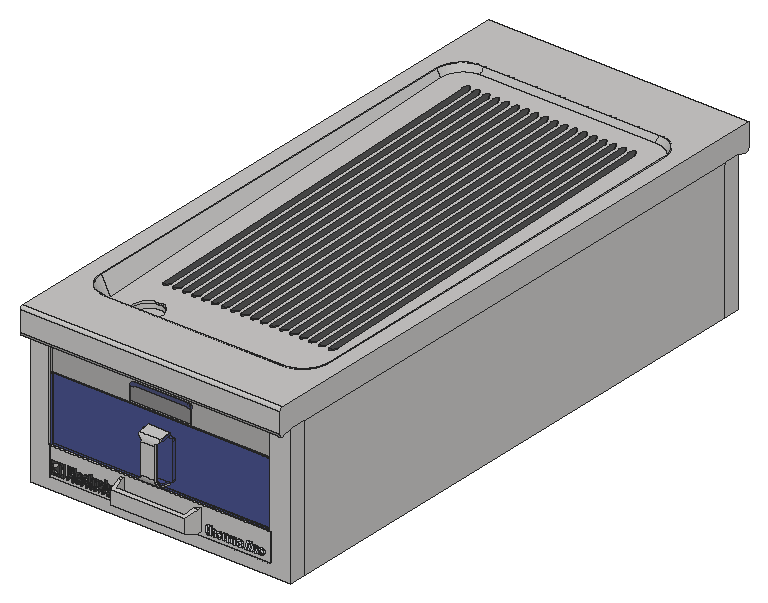
Revit family "QF_ELECTROLUXPROFESSIONAL_588534_MBHNBBDOAO", category Attrezzature speciali, Revit 2020
Family settings
  Quota connettore circolare = Usa diametro
  Tipo di parte = Normale
  Basato su piano di lavoro = No
  Sempre verticale = Sì
  Taglio con vuoti quando caricato = No
  Condiviso = No
  Punto di calcolo locali = No
Parameters (values of type "Standard")
  Weight = 69.00 kg
  Watts = 5100 W
  Volts = 400 V
  URL Manufacturer = "https://www.electroluxprofessional.com/"
  URL = "https://www.electroluxprofessional.com/"
  Steam Supply Size = 0"
  Steam Supply Minimum Pressure = 0.00 psi
  Steam Supply Maximum Pressure = 0.00 psi
  Steam Consumption per Hour = 0
  Refrigeration Suction Line Size = 0 mm
  Refrigeration Liquid Line Size = 0 mm
  Refrigerant Compressor Remote = yes
  Prospetto di default = 0 mm
  Phase = 3
  Modello = "MBHNBBDOAO"
  Produttore = "Electrolux Professional"
  Length Actual = 400 mm  # constant formula
  Item Number = "588534"
  Hot Water Size = 0"
  Height Actual = 250 mm  # constant formula
  HP = "6.8 HP"
  Gas Size = 0"
  Gas KW = 0
  Gas Input Pressure = 0.0 Btu/h
  Direct Waste Size = 0"
  Descrizione = "EL.FRYTOP,RIBBED PL,1S,BSPL,400X850X250H"
  Depth Actual = 850 mm  # constant formula
  Cycle = 50 Hz
  Condensate Return Size = 0"
  Compressed Air Volume = 0 GPM
  Compressed Air Size = 0"
  Compressed Air Pressure = 0.00 psi
  Cold Water Size = 0"
  Accessory = yes
Reference planes
  plane 1 "BACK": y = 0
  plane 2: z = 0
  plane 3 "LEFT": x = 0
  plane 4 "RIGHT": x = 400
  plane 5 "FRONT": y = -900
  plane 6 "TOP": z = 900
  plane 7 "Center (Left/Right)": x = 200
  plane 8: y = -425
  plane 9: y = -150
  plane 10: y = -65
  plane 11: y = -790
  plane 12 "EIY": y = -685
  plane 13: z = 938
  plane 14 "BaseTop": z = 650
  plane 15: y = -855
  plane 16 "Camino": y = -50
  plane 17 "EIx": x = 355
  plane 18: z = 1131
  plane 19 "PlaneRibbed": through (-6096, -65, 890) normal (0, -0.0252, 0.9997)
Forms (mm)
  Extrusion 1, solid, material "QF_Finishes_Stainless Steel"
    sketch origin (-178.969, -4572, 100) x (-1, 0, 0) y (0, -1, 0)
      loop
        line (-178.969, -4527) -> (-178.969, -3717) -> (-578.969, -3717) -> (-578.969, -4527) -> (-178.969, -4527)
    from 550 to 762.969
  Extrusion 2, solid, material "QF_Finishes_Stainless Steel"
    sketch origin (200, 296.4, 1219.2) x (0, 1, 0) y (0, 0, 1)
      loop
        line (-296.4, -319.2) -> (-1191.4, -319.2)
        arc (-1191.4, -319.2) -> (-1194.935, -320.664) -> (-1196.4, -324.2) r 5
        line (-1196.4, -324.2) -> (-1196.4, -355.2)
        arc (-1196.4, -355.2) -> (-1194.971, -358.264) -> (-1191.705, -359.139) r 4
        line (-1191.705, -359.139) -> (-1176.4, -356.231) -> (-316.4, -356.231) -> (-301.094, -359.139)
        arc (-301.094, -359.139) -> (-297.829, -358.264) -> (-296.4, -355.2) r 4
        line (-296.4, -355.2) -> (-296.4, -319.2)
    from -200 to 200
  Extrusion 3, void
    sketch origin (0, -26, 900) x (-1, 0, 0) y (0, -1, 0)
      loop
        arc (-65, 65) -> (-36.716, 76.716) -> (-25, 105) r 40
        line (-25, 105) -> (-25, 750)
        arc (-25, 750) -> (-36.716, 778.284) -> (-65, 790) r 40
        line (-65, 790) -> (-335, 790)
        arc (-335, 790) -> (-363.284, 778.284) -> (-375, 750) r 40
        line (-375, 750) -> (-375, 105)
        arc (-375, 105) -> (-363.284, 76.716) -> (-335, 65) r 40
        line (-335, 65) -> (-65, 65)
    from 0 to -30
  Extrusion 4, solid, material "QF_Finishes_Stainless Steel"
    sketch origin (0, -50, 650) x (-1, 0, 0) y (0, -1, 0)
      loop
        circle (-355, 635) r 10.1
    from 0 to -10
  Sweep 5, solid, material "QF_Finishes_Stainless Steel"
    path origin (0, -26, 900) x (-1, 0, 0) y (0, -1, 0)
      loop
        line (-25, 105) -> (-25, 750)
        arc (-25, 750) -> (-36.716, 778.284) -> (-65, 790) r 40
        line (-65, 790) -> (-335, 790)
        arc (-335, 790) -> (-363.284, 778.284) -> (-375, 750) r 40
        line (-375, 750) -> (-375, 105)
        arc (-375, 105) -> (-363.284, 76.716) -> (-335, 65) r 40
        line (-335, 65) -> (-65, 65)
        arc (-65, 65) -> (-36.716, 76.716) -> (-25, 105) r 40
    profile origin (25, -453.5, 900) x (1, 0, 0) y (0, 0, 1)
      loop
        line (0, 0) -> (0, -30) -> (15, -30) -> (0, 0)
  Extrusion 6, void
    sketch origin (0, -26, 900) x (-1, 0, 0) y (0, -1, 0)
      loop
        circle (-94.991, 746) r 22.248
    from -136.536 to 0
  Extrusion 7, solid, material "QF_Finishes_Stainless Steel"
    sketch origin (200, 270.4, 1219.2) x (0, 1, 0) y (0, 0, 1)
      loop
        line (-1086.4, -349.2) -> (-361.4, -349.2) -> (-361.4, -329.2) -> (-1086.4, -347.5) -> (-1086.4, -349.2)
    from -175 to 175
  Extrusion 8, void
    sketch origin (0, -26, 900) x (-1, 0, 0) y (0, -1, 0)
      loop
        circle (-94.991, 746) r 22.248
    from -30 to 0
  Extrusion 9, solid, material "QF_Finishes_Stainless Steel"
    sketch origin (200, 296.4, 1219.2) x (0, 1, 0) y (0, 0, 1)
      loop
        line (-341.4, -569.2) -> (-316.4, -569.2) -> (-316.4, -356.231) -> (-341.4, -356.231) -> (-341.4, -569.2)
    from -200 to 200
Cuts and joins
  Extrusion 3, Extrusion 6, Extrusion 8 cuts Extrusion 2
  Extrusion 8 cuts Sweep 5
  Extrusion 8 cuts Extrusion 7
  joined: Sweep 5, Extrusion 7
  Extrusion 8 cuts Extrusion 1
Lines and regions (mm)
  symbolic lines
    curve 1: line (0, 0, 100) -> (400, 0, 100)
    curve 2: line (0, -850, 100) -> (0, 0, 100)
    curve 3: line (400, -850, 100) -> (0, -850, 100)
    curve 4: line (400, 0, 100) -> (400, -850, 100)
    curve 5: line (334.029, -91, 0) -> (65.29, -91, 0)
    curve 6: line (65.29, -816, 0) -> (334.029, -816, 0)
    curve 7: line (65, -106, 900) -> (335, -106, 900)
    curve 8: line (335, -801, 900) -> (65, -801, 900)
    curve 9: arc (360, -776, 900) -> (352.678, -793.678, 900) -> (335, -801, 900) r 25
    curve 10: line (360, -131, 900) -> (360, -776, 900)
    curve 11: arc (335, -106, 900) -> (352.678, -113.322, 900) -> (360, -131, 900) r 25
    curve 12: circle (94.991, -772, 900) r 22.248 normal (0, 0, 1)
    curve 13: arc (90.5, -111.483, 900) -> (62.314, -123.096, 900) -> (50.5, -151.198, 900) r 39.994
    curve 14: line (90.5, -111.482, 900) -> (310.5, -111.482, 900)
    curve 15: line (50.5, -688.082, 900) -> (50.5, -151.198, 900)
    curve 16: arc (50.5, -688.082, 900) -> (62.314, -716.184, 900) -> (90.5, -727.797, 900) r 39.994
    curve 17: line (310.5, -727.798, 900) -> (90.5, -727.798, 900)
    curve 18: line (40.29, -734.526, 900) -> (360, -734.526, 900)
    curve 19: line (40.29, -744.526, 900) -> (360, -744.526, 900)
    curve 20: arc (65, -91, 900) -> (36.716, -102.716, 900) -> (25, -131, 900) r 40
    curve 21: line (25, -131, 900) -> (25, -776, 900)
    curve 22: arc (25, -776, 900) -> (36.716, -804.284, 900) -> (65, -816, 900) r 40
    curve 23: arc (335, -816, 900) -> (363.284, -804.284, 900) -> (375, -776, 900) r 40
    curve 24: line (375, -776, 900) -> (375, -131, 900)
    curve 25: arc (375, -131, 900) -> (363.284, -102.716, 900) -> (335, -91, 900) r 40
    curve 26: arc (309.5, -111.483, 900) -> (337.686, -123.096, 900) -> (349.5, -151.198, 900) r 39.994
    curve 27: line (349.5, -688.082, 900) -> (349.5, -151.198, 900)
    curve 28: arc (349.5, -688.082, 900) -> (337.686, -716.184, 900) -> (309.5, -727.797, 900) r 39.994
    curve 29: arc (65, -801, 900) -> (47.322, -793.678, 900) -> (40, -776, 900) r 25
    curve 30: line (40, -776, 900) -> (40, -131, 900)
    curve 31: arc (40, -131, 900) -> (47.322, -113.322, 900) -> (65, -106, 900) r 25
Dimensions and locks
  plane 3 "LEFT" to plane 4 "RIGHT" = 400 mm
  plane 5 "FRONT" to plane 1 "BACK" = 900 mm
  plane 3 "LEFT" to plane 7 "Center (Left/Right)" to plane 4 "RIGHT" = 200 mm, 200 mm
  plane 5 "FRONT" to plane 8 to plane 1 "BACK" = 475 mm, 425 mm
  plane 6 "TOP" to level = 900 mm  (x2)
  plane 1 "BACK" to plane 9 = 150 mm
  plane 12 "EIY" to plane 1 "BACK" = 685 mm
  plane 13 to plane 6 "TOP" = 38 mm
  plane 10 to plane 1 "BACK" = 65 mm
  plane 5 "FRONT" to plane 11 = 110 mm
  locked: plane 6 "TOP" to plane 14 "BaseTop" at 250
  locked: plane 15 to plane 5 "FRONT" at 45
  plane 16 "Camino" to plane 1 "BACK" = 50 mm
  plane 17 "EIx" to plane 4 "RIGHT" = 45 mm
  plane 18 to plane 6 "TOP" = 231 mm
  aligned and locked: level to plane 2
  aligned and locked: cut or joined group of Extrusion 2, Extrusion 3, Extrusion 6, Extrusion 8 to plane 3 "LEFT"
  aligned and locked: cut or joined group of Extrusion 2, Extrusion 3, Extrusion 6, Extrusion 8 to plane 4 "RIGHT"
  aligned and locked: nested 1 to plane 15
  aligned and locked: Extrusion 1 to plane 15
  aligned and locked: plane 3 "LEFT" to nested 1
Nested families
  nested 1: "Front_Panel_W400_One Knob" at (52.376, -855, 0), type "Front_Panel_W400_One Knob"
  nested 2: "Rib_D12" at (72.5, -410.13, 881.288) x (1, 0, 0) z (0, -0.0252, 0.9997), type "Rib_D12"
    with Show Clearance yes, Lenght 588 mm
  nested 3: "Rib_D12" at (87.5, -410.13, 881.288) x (1, 0, 0) z (0, -0.0252, 0.9997), type "Rib_D12"
    with Show Clearance yes, Lenght 588 mm
  nested 4: "Rib_D12" at (102.5, -410.13, 881.288) x (1, 0, 0) z (0, -0.0252, 0.9997), type "Rib_D12"
    with Show Clearance yes, Lenght 588 mm
  nested 5: "Rib_D12" at (117.5, -410.13, 881.288) x (1, 0, 0) z (0, -0.0252, 0.9997), type "Rib_D12"
    with Show Clearance yes, Lenght 588 mm
  nested 6: "Rib_D12" at (132.5, -410.13, 881.288) x (1, 0, 0) z (0, -0.0252, 0.9997), type "Rib_D12"
    with Show Clearance yes, Lenght 588 mm
  nested 7: "Rib_D12" at (147.5, -410.13, 881.288) x (1, 0, 0) z (0, -0.0252, 0.9997), type "Rib_D12"
    with Show Clearance yes, Lenght 588 mm
  nested 8: "Rib_D12" at (162.5, -410.13, 881.288) x (1, 0, 0) z (0, -0.0252, 0.9997), type "Rib_D12"
    with Show Clearance yes, Lenght 588 mm
  nested 9: "Rib_D12" at (177.5, -410.13, 881.288) x (1, 0, 0) z (0, -0.0252, 0.9997), type "Rib_D12"
    with Show Clearance yes, Lenght 588 mm
  nested 10: "Rib_D12" at (192.5, -410.13, 881.288) x (1, 0, 0) z (0, -0.0252, 0.9997), type "Rib_D12"
    with Show Clearance yes, Lenght 588 mm
  nested 11: "Rib_D12" at (207.5, -410.13, 881.288) x (1, 0, 0) z (0, -0.0252, 0.9997), type "Rib_D12"
    with Show Clearance yes, Lenght 588 mm
  nested 12: "Rib_D12" at (222.5, -410.13, 881.288) x (1, 0, 0) z (0, -0.0252, 0.9997), type "Rib_D12"
    with Show Clearance yes, Lenght 588 mm
  nested 13: "Rib_D12" at (237.5, -410.13, 881.288) x (1, 0, 0) z (0, -0.0252, 0.9997), type "Rib_D12"
    with Show Clearance yes, Lenght 588 mm
  nested 14: "Rib_D12" at (252.5, -410.13, 881.288) x (1, 0, 0) z (0, -0.0252, 0.9997), type "Rib_D12"
    with Show Clearance yes, Lenght 588 mm
  nested 15: "Rib_D12" at (267.5, -410.13, 881.288) x (1, 0, 0) z (0, -0.0252, 0.9997), type "Rib_D12"
    with Show Clearance yes, Lenght 588 mm
  nested 16: "Rib_D12" at (282.5, -410.13, 881.288) x (1, 0, 0) z (0, -0.0252, 0.9997), type "Rib_D12"
    with Show Clearance yes, Lenght 588 mm
  nested 17: "Rib_D12" at (297.5, -410.13, 881.288) x (1, 0, 0) z (0, -0.0252, 0.9997), type "Rib_D12"
    with Show Clearance yes, Lenght 588 mm
  nested 18: "Rib_D12" at (312.5, -410.13, 881.288) x (1, 0, 0) z (0, -0.0252, 0.9997), type "Rib_D12"
    with Show Clearance yes, Lenght 588 mm
  nested 19: "Rib_D12" at (327.5, -410.13, 881.288) x (1, 0, 0) z (0, -0.0252, 0.9997), type "Rib_D12"
    with Show Clearance yes, Lenght 588 mm
Connectors
  electrical at (355, -685, 640), driven by "Volts"
    settings: on Extrusion 4, index 1, voltage 400 V, apparent load 0 VA, apparent load phase1 0 VA, apparent load phase2 0 VA, apparent load phase3 0 VA, power factor 1, load classification "Other", number of poles 1, system type 30, power factor state 1, is connector primary yes, connector utility no, sub classification motor no, connector description "Electrical Connection"
Definition of nested family "Front_Panel_W400_One Knob"
  Parameters
    Default Elevation = 0 mm
  Reference planes
    plane 1 "Center (Front/Back)": y = 0
    plane 2: z = 0
    plane 3 "Center (Left/Right)": x = 147.624
    plane 4 "Left": x = -52.376
    plane 5 "Right": x = 347.624
    plane 6: y = -45
    plane 7: y = -310
    plane 8: y = -25
    plane 9: x = 317.624
    plane 10: x = -22.376
  Forms (mm)
    Extrusion 1, solid
      sketch origin (833.217, 829.203, -1.25) x (0, 1, 0) y (0, 0, 1)
        loop
          line (-854.203, 651.25) -> (-829.203, 651.25) -> (-829.203, 864.25) -> (-854.203, 864.25) -> (-854.203, 651.25)
      from -885.593 to -485.593
    Extrusion 2, void
      sketch origin (0, 0, 0) x (1, 0, 0) y (0, 0, 1)
        loop
          line (-24.876, 853.866) -> (-24.876, 711.866) -> (315.124, 711.866) -> (315.124, 853.866) -> (-24.876, 853.866)
      from 19.387 to 33.951
    Extrusion 3, void
      sketch origin (0, 0, 0) x (1, 0, 0) y (0, 0, 1)
        loop
          line (-22.376, 711.866) -> (-22.376, 666.866) -> (317.624, 666.866) -> (317.624, 711.866) -> (-22.376, 711.866)
      from 19.387 to 25
    Extrusion 4, solid
      sketch origin (0, 0, 0) x (1, 0, 0) y (0, 0, 1)
        loop
          line (-21.376, 710.866) -> (-21.376, 667.866) -> (316.624, 667.866) -> (316.624, 710.866) -> (-21.376, 710.866)
      from 19.387 to 25
    Extrusion 5, solid
      sketch origin (0, 0, 0) x (1, 0, 0) y (0, 1, 0)
        loop
          line (91.059, -25) -> (85.966, -25) -> (90.646, -49.075) -> (204.603, -49.075) -> (209.283, -25) -> (204.189, -25) -> (200.481, -44.075) -> (94.767, -44.075) -> (91.059, -25)
      from 672.593 to 705.67
    Extrusion 6, void
      sketch origin (147.624, 0, 0) x (0, 1, 0) y (0, 0, 1)
        loop
          line (-30, 705.67) -> (-30, 710.67) -> (-56.744, 710.67) -> (-56.744, 667.593) -> (-30, 667.593) -> (-30, 672.593) -> (-53.776, 680.318) -> (-53.776, 697.945) -> (-30, 705.67)
      from -70 to 70
    Extrusion 7, solid, detail levels coarse
      sketch origin (0, -265, 0) x (1, 0, 0) y (0, 1, 0)
        loop
          line (90.646, -69.075) -> (204.603, -69.075) -> (209.283, -45) -> (311.624, -45) -> (311.624, 240) -> (-21.376, 240) -> (-21.376, -45) -> (85.966, -45) -> (90.646, -69.075)
      from 672.593 to 705.67
    Extrusion 8, void
      sketch origin (147.624, -280, 0) x (0, 1, 0) y (0, 0, 1)
        loop
          line (-30, 705.67) -> (-30, 710.67) -> (-56.744, 710.67) -> (-56.744, 667.593) -> (-30, 667.593) -> (-30, 672.593) -> (-53.776, 680.318) -> (-53.776, 697.945) -> (-30, 705.67)
      from -70 to 70
  Cuts and joins
    Extrusion 2, Extrusion 3 cuts Extrusion 1
    Extrusion 6, Extrusion 8 cuts Extrusion 5
    Extrusion 8 cuts Extrusion 7
  Lines and regions (mm)
    symbolic lines
      curve 1: line (-21.376, -45, 0) -> (-21.376, -310, 0)
      curve 2: line (-21.376, -310, 0) -> (311.624, -310, 0)
      curve 3: line (85.966, -310, 0) -> (90.646, -334.075, 0)
      curve 4: line (90.646, -334.075, 0) -> (204.603, -334.075, 0)
      curve 5: line (204.603, -334.075, 0) -> (209.283, -310, 0)
      curve 6: line (311.624, -310, 0) -> (311.624, -45, 0)
      curve 7: line (-21.376, -300, 0) -> (311.624, -300, 0)
      curve 8: line (90.874, -309.046, 0) -> (94.767, -329.075, 0)
      curve 9: line (94.767, -329.075, 0) -> (200.481, -329.075, 0)
      curve 10: line (200.481, -329.075, 0) -> (204.375, -309.046, 0)
  Dimensions and locks
    equal spacing: plane 5 "Right", plane 3 "Center (Left/Right)", plane 4 "Left"
    plane 5 "Right" to plane 4 "Left" = 400 mm
    plane 6 to plane 7 = 265 mm
    aligned and locked: cut or joined group of Extrusion 1, Extrusion 2, Extrusion 3 to plane 4 "Left"
    aligned and locked: plane 5 "Right" to cut or joined group of Extrusion 1, Extrusion 2, Extrusion 3
    aligned and locked: plane 3 "Center (Left/Right)" to nested 1
    aligned and locked: cut or joined group of Extrusion 1, Extrusion 2, Extrusion 3 to nested 1
  Automatic sketch dimensions
    plane 6 to curve 1 = 0 mm
    curve 1 to plane 7 = 0 mm
    plane 6 to curve 6 = 0 mm
    plane 10 to curve 1 = 1 mm
    curve 3 to curve 8 = 4.122 mm
    curve 10 to plane 7 = 19.075 mm
    plane 3 "Center (Left/Right)" to curve 10 = 52.857 mm
    curve 5 to plane 7 = 24.075 mm
    curve 9 to curve 5 = 4.122 mm
    curve 2 to plane 9 = 6 mm
    plane 7 to curve 8 = 0.954 mm
    curve 3 to curve 8 = 4.908 mm
    plane 7 to curve 10 = 0.954 mm
    curve 9 to curve 10 = 3.893 mm
    curve 10 to curve 5 = 4.908 mm
    plane 7 to curve 7 = 10 mm
    Extrusion 1 sketch curve to plane 8 = 0 mm
    Extrusion 1 sketch curve to plane 1 "Center (Front/Back)" = 0 mm
    level to Extrusion 1 sketch curve = 650 mm
    Extrusion 1 sketch curve to Extrusion 1 sketch curve = 213 mm
    Extrusion 2 sketch curve to plane 10 = 2.5 mm
    Extrusion 2 sketch curve to plane 9 = 2.5 mm
    level to Extrusion 2 sketch curve = 711.866 mm
    Extrusion 2 sketch curve to Extrusion 2 sketch curve = 142 mm
    Extrusion 3 sketch curve to plane 10 = 0 mm
    Extrusion 3 sketch curve to plane 9 = 0 mm
    level to Extrusion 3 sketch curve = 666.866 mm
    Extrusion 3 sketch curve to Extrusion 3 sketch curve = 45 mm
    plane 10 to Extrusion 4 sketch curve = 1 mm
    Extrusion 4 sketch curve to plane 9 = 1 mm
    level to Extrusion 4 sketch curve = 667.866 mm
    Extrusion 4 sketch curve to Extrusion 4 sketch curve = 43 mm
    plane 8 to Extrusion 5 sketch curve = 0 mm  (x2)
    plane 6 to Extrusion 5 sketch curve = 4.075 mm
    Extrusion 5 sketch curve to Extrusion 5 sketch curve = 5.094 mm  (x2)
    Extrusion 5 sketch curve to plane 6 = 0.925 mm
    Extrusion 5 sketch curve to Extrusion 5 sketch curve = 4.122 mm  (x2)
    plane 3 "Center (Left/Right)" to Extrusion 5 sketch curve = 52.857 mm
    Extrusion 5 sketch curve to Extrusion 5 sketch curve = 3.708 mm  (x2)
    plane 6 to Extrusion 6 sketch curve = 11.744 mm
    plane 6 to Extrusion 6 sketch curve = 8.776 mm
    plane 8 to Extrusion 6 sketch curve = 5 mm  (x2)
    level to Extrusion 6 sketch curve = 667.593 mm
    Extrusion 6 sketch curve to Extrusion 6 sketch curve = 5 mm
    Extrusion 6 sketch curve to Extrusion 6 sketch curve = 12.725 mm  (x2)
    Extrusion 6 sketch curve to Extrusion 6 sketch curve = 17.627 mm
    Extrusion 6 sketch curve to Extrusion 6 sketch curve = 7.725 mm
    plane 8 to Extrusion 7 sketch curve = 0 mm
    Extrusion 7 sketch curve to plane 7 = 0 mm  (x2)
    plane 10 to Extrusion 7 sketch curve = 1 mm
    Extrusion 7 sketch curve to plane 7 = 24.075 mm
    plane 3 "Center (Left/Right)" to Extrusion 7 sketch curve = 56.979 mm
    Extrusion 7 sketch curve to Extrusion 7 sketch curve = 4.68 mm  (x2)
    Extrusion 7 sketch curve to plane 9 = 6 mm
    Extrusion 8 sketch curve to plane 7 = 0 mm  (x2)
    Extrusion 8 sketch curve to plane 7 = 23.776 mm
    Extrusion 8 sketch curve to Extrusion 8 sketch curve = 2.968 mm
    level to Extrusion 8 sketch curve = 667.593 mm
    Extrusion 8 sketch curve to Extrusion 8 sketch curve = 5 mm
    Extrusion 8 sketch curve to Extrusion 8 sketch curve = 12.725 mm  (x2)
    Extrusion 8 sketch curve to Extrusion 8 sketch curve = 17.627 mm
    Extrusion 8 sketch curve to Extrusion 8 sketch curve = 7.725 mm
    curve 3 to plane 3 "Center (Left/Right)" = 56.979 mm
    curve 3 to curve 8 = 8.801 mm
    Extrusion 5 sketch curve to plane 3 "Center (Left/Right)" = 52.857 mm
    Extrusion 7 sketch curve to plane 3 "Center (Left/Right)" = 61.658 mm
  Nested families
    nested 1: "Front glass control panel W500_1 Knob" at (147.624, 280.644, 2.752), type "Front glass control panel W500_1 Knob"
    nested 2: "Range Control Handle" at (147.624, -28.137, -209.113) x (-1, 0, 0) z (0, 0, 1), type "Range Control Handle"
    nested 3: "ELX_ThermaLine_Small" at (258.838, -25, 680.426) x (1, 0, 0) z (0, -1, 0), type "ELX_ThermaLine_Small"
      with Show Logo yes, Material_Logo none
    nested 4: "ELX_Professional_Logo_Small2" at (33.472, -25, 682.659) x (1, 0, 0) z (0, -1, 0), type "ELX_Professional_Logo_Small2"
      with Show Logo yes, Material_Logo none
  Definition of nested family "Front glass control panel W500_1 Knob"
    Parameters
      Default Elevation = 0 mm
    Reference planes
      plane 1 "Center (Front/Back)": y = 0
      plane 2: z = 0
      plane 3 "Center (Left/Right)": x = 0
    Forms (mm)
      Extrusion 1, solid
        sketch origin (378.286, 0, 0.617) x (1, 0, 0) y (0, 0, 1)
          loop
            line (-548.286, 806.791) -> (-548.286, 708.497) -> (-208.286, 708.497) -> (-208.286, 806.791) -> (-548.286, 806.791)
        from 300.031 to 304.8
      Extrusion 2, solid
        sketch origin (378.286, 0, 0.617) x (1, 0, 0) y (0, 0, 1)
          loop
            line (-548.286, 850.497) -> (-548.286, 806.791) -> (-208.286, 806.791) -> (-208.286, 850.497) -> (-548.286, 850.497)
        from 300.031 to 304.8
      Extrusion 3, void
        sketch origin (378.286, 0, 0.617) x (1, 0, 0) y (0, 0, 1)
          loop
            line (-545.628, 847.565) -> (-545.628, 710.699) -> (-211.196, 710.699) -> (-211.196, 847.565) -> (-545.628, 847.565)
        from 303.697 to 304.8
      Extrusion 4, solid
        sketch origin (308.309, 1.101, -0.633) x (1, 0, 0) y (0, 0, 1)
          loop
            line (-261.431, 812.62) -> (-261.431, 834.177) -> (-266.24, 834.177) -> (-268.039, 835.977) -> (-348.469, 835.977) -> (-350.269, 834.177) -> (-355.186, 834.177) -> (-355.186, 812.62) -> (-261.431, 812.62)
        from 304.798 to 306.745
      Extrusion 5, solid
        sketch origin (308.309, 1.101, -0.633) x (1, 0, 0) y (0, 0, 1)
          loop
            line (-350.269, 834.177) -> (-348.469, 835.977) -> (-268.039, 835.977) -> (-266.24, 834.177) -> (-261.529, 834.177)
            arc (-261.529, 834.177) -> (-262.706, 838.752) -> (-266.98, 840.763) r 5.549
            line (-266.98, 840.763) -> (-349.686, 840.763)
            arc (-349.686, 840.763) -> (-353.942, 838.747) -> (-355.078, 834.177) r 5.5
            line (-355.078, 834.177) -> (-350.269, 834.177)
        from 304.798 to 306.745
    Cuts and joins
      Extrusion 3 cuts Extrusion 1
      Extrusion 3 cuts Extrusion 2
    Dimensions and locks
      aligned and locked: Extrusion 1 to Extrusion 2
      aligned and locked: Extrusion 5 sketch curve to Extrusion 4  (x4)
      aligned and locked: Extrusion 4 to Extrusion 5 sketch curve
      aligned and locked: Extrusion 5 to Extrusion 4
  Definition of nested family "Range Control Handle"
    Parameters
      Default Elevation = 0 mm
    Reference planes
      plane 1 "Center (Front/Back)": y = 0
      plane 2: z = 0
      plane 3 "Center (Left/Right)": x = 0
      plane 4: z = 971.092
      plane 5: y = -16.9
    Forms (mm)
      Extrusion 1, solid
        sketch origin (-746.28, 380.497, 208.931) x (-1, 0, 0) y (0, 0, 1)
          loop
            line (-770.101, 786.798) -> (-770.101, 731.649)
            arc (-770.101, 731.649) -> (-769.759, 730.563) -> (-768.855, 729.87) r 1.893
            line (-768.855, 729.87) -> (-763.474, 727.911) -> (-729.81, 727.911) -> (-724.428, 729.87)
            arc (-724.428, 729.87) -> (-723.525, 730.563) -> (-723.183, 731.649) r 1.893
            line (-723.183, 731.649) -> (-723.183, 786.798)
            arc (-723.183, 786.798) -> (-723.529, 787.894) -> (-724.44, 788.593) r 1.91
            line (-724.44, 788.593) -> (-729.683, 790.819) -> (-763.601, 790.819) -> (-768.844, 788.593)
            arc (-768.844, 788.593) -> (-769.755, 787.894) -> (-770.101, 786.798) r 1.91
        from -382.35 to -378.852
      Sweep 2, solid
        path origin (-746.788, 380.496, 208.091) x (0, -1, 0) y (0, 0, 1)
          loop
            line (379.775, 793.281) -> (395.661, 791.048)
            arc (395.661, 791.048) -> (397.781, 787.377) -> (398.517, 783.202) r 12.207
            line (398.517, 783.202) -> (398.517, 737.368)
            arc (398.517, 737.368) -> (397.781, 733.193) -> (395.661, 729.522) r 12.207
            line (395.661, 729.522) -> (379.775, 727.289)
        profile origin (-746.788, -7.222, 1000.256) x (0, -0.139173, 0.990268) y (-1, 0, 0)
          loop
            line (0.782, -763.123) -> (0.782, -730.907) -> (-1.322, -730.907) -> (-1.322, -763.123) -> (0.782, -763.123)
      Sweep 3, solid
        path origin (-746.788, 380.715, 207.832) x (0, -1, 0) y (0, 0, 1)
          loop
            line (380.478, 795.442) -> (397.218, 793.09)
            arc (397.218, 793.09) -> (399.929, 788.473) -> (400.871, 783.202) r 15.207
            line (400.871, 783.202) -> (400.871, 737.584)
            arc (400.871, 737.584) -> (399.914, 732.274) -> (397.164, 727.633) r 15.207
            line (397.164, 727.633) -> (380.601, 725.305)
        profile origin (-746.788, -8.132, 1002.099) x (0, -0.139173, 0.990268) y (-1, 0, 0)
          loop
            line (0.782, -763.123) -> (0.782, -730.907) -> (-1.322, -730.907) -> (-1.322, -763.123) -> (0.782, -763.123)
      Extrusion 4, void
        sketch origin (889.253, 220.666, 207.993) x (1, 0, 0) y (0, 0, 1)
          loop
            line (-943.038, 816.854) -> (-943.038, 703.686) -> (-899.466, 734.196) -> (-899.466, 786.344) -> (-943.038, 816.854)
        from 230.636 to 242.25
      Extrusion 5, void
        sketch origin (-888.8, 220.666, 207.993) x (-1, 0, 0) y (0, 0, -1)
          loop
            line (-943.038, -816.854) -> (-899.466, -786.344) -> (-899.466, -734.196) -> (-943.038, -703.686) -> (-943.038, -816.854)
        from 230.636 to 242.25
      Extrusion 6, solid
        sketch origin (0, 0, 0) x (1, 0, 0) y (0, 0, 1)
          loop
            circle (0, 971.092) r 7.736
        from -3.137 to -1.645
    Cuts and joins
      Extrusion 4, Extrusion 5 cuts Sweep 3
      Extrusion 4, Extrusion 5 cuts Sweep 2
      joined: Extrusion 1, Extrusion 6
    Lines and regions (mm)
      symbolic lines
        curve 1: line (16.334, -16.9, 0) -> (16.334, -19.227, 0)
        curve 2: spline (16.334, -19.227, 0) -> (15.87, -19.385, 0) -> (15.404, -19.536, 0) -> (14.936, -19.678, 0) -> (14.466, -19.813, 0) -> (13.995, -19.94, 0) -> (13.523, -20.059, 0) -> (13.049, -20.171, 0) -> (12.575, -20.274, 0) -> (12.099, -20.37, 0) -> (11.622, -20.458, 0) -> (11.144, -20.537, 0) -> (10.666, -20.609, 0)
        curve 3: line (10.666, -16.9, 0) -> (10.666, -20.938, 0)
        curve 4: line (-10.213, -20.938, 0) -> (10.666, -20.938, 0)
        curve 5: line (-10.213, -20.938, 0) -> (-10.213, -16.9, 0)
        curve 6: spline (-10.213, -20.609, 0) -> (-10.691, -20.537, 0) -> (-11.169, -20.458, 0) -> (-11.646, -20.37, 0) -> (-12.122, -20.274, 0) -> (-12.597, -20.171, 0) -> (-13.07, -20.059, 0) -> (-13.542, -19.94, 0) -> (-14.013, -19.813, 0) -> (-14.483, -19.678, 0) -> (-14.951, -19.536, 0) -> (-15.417, -19.385, 0) -> (-15.881, -19.227, 0)
        curve 7: line (-15.881, -19.227, 0) -> (-15.881, -16.9, 0)
  Definition of nested family "ELX_ThermaLine_Small"
    Parameters
      Show Logo [instance] = yes
      Material_Logo [instance] = none
      Default Elevation = 0 mm
    Reference planes
      plane 1 "Centro (Fronte/Retro)": y = 0
      plane 2: z = 0
      plane 3 "Centro (Sinistra/Destra)": x = 0
    Forms (mm)
      Extrusion 1, solid
        sketch origin (0, 0, 0) x (1, 0, 0) y (0, 1, 0)
          loop
            line (-1219.2, 1219.2) -> (-1219.2, -1219.2) -> (1219.2, -1219.2) -> (1219.2, 1219.2) -> (-1219.2, 1219.2)
        from 0 to -304.8
      Extrusion 2, solid
        sketch origin (0, 0, 0) x (1, 0, 0) y (0, 1, 0)
          loop
            line (-37.494, 1.229) -> (-35.908, 1.229) -> (-35.908, 3.066) -> (-37.494, 3.066) -> (-37.494, 6.221) -> (-39.867, 4.881) -> (-39.867, 3.066) -> (-40.969, 3.066) -> (-40.969, 1.229) -> (-39.867, 1.229) -> (-39.867, -3.407)
            arc (-39.867, -3.407) -> (-38.982, -5.513) -> (-36.751, -6.001) r 2.478
            line (-36.751, -6.001) -> (-35.638, -5.7) -> (-35.9, -3.835) -> (-36.661, -4.039)
            arc (-36.661, -4.039) -> (-37.236, -3.924) -> (-37.494, -3.399) r 0.662
            line (-37.494, -3.399) -> (-37.494, 1.229)
          loop
            line (-34.242, 6.539) -> (-34.242, -5.848) -> (-31.854, -5.848) -> (-31.854, -0.078)
            arc (-31.854, -0.078) -> (-30.939, 1.249) -> (-29.33, 1.367) r 1.866
            arc (-29.33, 1.367) -> (-28.695, 0.768) -> (-28.461, -0.073) r 1.627
            line (-28.461, -0.073) -> (-28.461, -5.848) -> (-26.086, -5.848) -> (-26.064, -0.46)
            arc (-26.064, -0.46) -> (-26.261, 0.932) -> (-26.786, 2.237) r 5.825
            arc (-26.786, 2.237) -> (-29.381, 3.264) -> (-31.854, 1.971) r 3.353
            line (-31.854, 1.971) -> (-31.854, 6.539) -> (-34.242, 6.539)
          loop
            arc (-18.398, -0.598) -> (-18.893, 0.879) -> (-20.326, 1.487) r 1.897
            arc (-20.326, 1.487) -> (-21.461, 0.708) -> (-21.897, -0.598) r 2.164
            line (-21.897, -0.598) -> (-18.398, -0.598)
          loop
            arc (-16.021, -2.044) -> (-16.754, 1.227) -> (-19.444, 3.226) r 4.814
            arc (-19.444, 3.226) -> (-22.137, 2.788) -> (-23.943, 0.743) r 4.054
            arc (-23.943, 0.743) -> (-24.382, -1.249) -> (-24.162, -3.276) r 6.289
            arc (-24.162, -3.276) -> (-23.302, -4.71) -> (-21.958, -5.705) r 4.28
            arc (-21.958, -5.705) -> (-18.558, -5.814) -> (-16.152, -3.409) r 4.28
            line (-16.152, -3.409) -> (-18.5, -2.995)
            arc (-18.5, -2.995) -> (-19.273, -3.994) -> (-20.533, -4.076) r 1.536
            arc (-20.533, -4.076) -> (-21.56, -3.281) -> (-21.958, -2.044) r 2.197
            line (-21.958, -2.044) -> (-16.021, -2.044)
          loop
            line (-14.165, -5.848) -> (-11.819, -5.848) -> (-11.819, -2.138)
            arc (-11.819, -2.138) -> (-11.787, -1.156) -> (-11.637, -0.185) r 8.18
            arc (-11.637, -0.185) -> (-10.644, 0.972) -> (-9.132, 0.776) r 1.603
            line (-9.132, 0.776) -> (-8.419, 2.846)
            arc (-8.419, 2.846) -> (-10.432, 3.118) -> (-11.994, 1.821) r 2.527
            line (-11.994, 1.821) -> (-11.994, 3.094) -> (-14.165, 3.094) -> (-14.165, -5.848)
          loop
            line (-7.579, 3.094) -> (-7.579, -5.848) -> (-5.178, -5.848) -> (-5.178, -0.756)
            arc (-5.178, -0.756) -> (-4.727, 0.679) -> (-3.417, 1.419) r 2.05
            arc (-3.417, 1.419) -> (-2.499, 0.908) -> (-2.155, -0.085) r 1.471
            line (-2.155, -0.085) -> (-2.155, -5.848) -> (0.23, -5.848) -> (0.23, -1.001)
            arc (0.23, -1.001) -> (0.47, 0.127) -> (1.148, 1.061) r 2.775
            arc (1.148, 1.061) -> (2.225, 1.329) -> (3.05, 0.587) r 1.182
            arc (3.05, 0.587) -> (3.199, -0.019) -> (3.214, -0.642) r 2.894
            line (3.214, -0.642) -> (3.214, -5.848) -> (5.601, -5.848) -> (5.601, 0.261)
            arc (5.601, 0.261) -> (4.87, 2.263) -> (2.976, 3.241) r 2.932
            arc (2.976, 3.241) -> (1.284, 2.973) -> (-0.047, 1.896) r 3.309
            arc (-0.047, 1.896) -> (-1.116, 2.865) -> (-2.506, 3.258) r 3.16
            arc (-2.506, 3.258) -> (-4.105, 2.942) -> (-5.376, 1.92) r 3.419
            line (-5.376, 1.92) -> (-5.376, 3.094) -> (-7.579, 3.094)
          loop
            line (7.583, 0.738) -> (9.702, 0.364)
            arc (9.702, 0.364) -> (11.441, 1.492) -> (12.855, -0.023) r 1.613
            line (12.855, -0.023) -> (9.782, -0.789)
            arc (9.782, -0.789) -> (8.559, -1.346) -> (7.617, -2.305) r 3.687
            arc (7.617, -2.305) -> (7.499, -3.681) -> (7.901, -5.003) r 3.651
            arc (7.901, -5.003) -> (9.107, -5.766) -> (10.515, -6.006) r 3.635
            arc (10.515, -6.006) -> (11.898, -5.697) -> (13.067, -4.895) r 3.734
            line (13.067, -4.895) -> (13.376, -5.848) -> (15.75, -5.848) -> (15.212, -4.193) -> (15.212, 0.38)
            arc (15.212, 0.38) -> (14.897, 1.849) -> (13.818, 2.895) r 2.585
            arc (13.818, 2.895) -> (11.792, 3.442) -> (9.719, 3.11) r 5.005
            arc (9.719, 3.11) -> (8.369, 2.178) -> (7.583, 0.738) r 3.54
          loop
            line (19.723, -5.848) -> (22.233, -5.848) -> (24.854, 6.484) -> (22.345, 6.484) -> (19.723, -5.848)
          loop
            line (24.583, -5.848) -> (26.953, -5.848) -> (28.848, 3.066) -> (26.478, 3.066) -> (24.583, -5.848)
          loop
            line (27.204, 6.484) -> (26.741, 4.305) -> (29.111, 4.305) -> (29.575, 6.484) -> (27.204, 6.484)
          loop
            line (29.355, -5.848) -> (31.849, -5.848) -> (33.098, 0.028)
            arc (33.098, 0.028) -> (34.169, 1.306) -> (35.832, 1.422) r 2.132
            arc (35.832, 1.422) -> (36.324, 0.752) -> (36.383, -0.078) r 1.5
            line (36.383, -0.078) -> (35.157, -5.848) -> (37.536, -5.848) -> (38.936, 0.738)
            arc (38.936, 0.738) -> (38.775, 2.091) -> (37.825, 3.066) r 2.118
            arc (37.825, 3.066) -> (35.392, 3.175) -> (33.295, 1.937) r 4.271
            line (33.295, 1.937) -> (33.535, 3.066) -> (31.25, 3.066) -> (29.355, -5.848)
          loop
            line (42.792, -0.64) -> (46.589, -0.64)
            arc (46.589, -0.64) -> (46.639, 0.124) -> (46.327, 0.823) r 1.589
            arc (46.327, 0.823) -> (45.117, 1.521) -> (43.762, 1.183) r 1.865
            arc (43.762, 1.183) -> (43.141, 0.344) -> (42.792, -0.64) r 3.538
          loop
            line (42.565, -2.138) -> (48.593, -2.138)
            arc (48.593, -2.138) -> (48.58, 0.597) -> (46.983, 2.818) r 4.494
            arc (46.983, 2.818) -> (44.191, 3.28) -> (41.725, 1.891) r 4.26
            arc (41.725, 1.891) -> (40.503, -0.3) -> (40.284, -2.799) r 6.003
            arc (40.284, -2.799) -> (40.959, -4.468) -> (42.377, -5.576) r 3.482
            arc (42.377, -5.576) -> (44.265, -5.961) -> (46.152, -5.576) r 4.823
            arc (46.152, -5.576) -> (47.432, -4.731) -> (48.328, -3.485) r 4.245
            line (48.328, -3.485) -> (46.168, -3.105)
            arc (46.168, -3.105) -> (45.214, -4.072) -> (43.859, -4.181) r 1.953
            arc (43.859, -4.181) -> (42.821, -3.408) -> (42.565, -2.138) r 1.81
          loop
            line (12.868, -1.553) -> (10.216, -2.214)
            arc (10.216, -2.214) -> (9.747, -3.136) -> (10.216, -4.058) r 1.14
            arc (10.216, -4.058) -> (11.537, -4.249) -> (12.614, -3.46) r 1.763
            arc (12.614, -3.46) -> (12.858, -2.522) -> (12.868, -1.553) r 3.97
        from 0 to 1.6
    Dimensions and locks
      aligned and locked: plane 2 to Extrusion 1
      aligned and locked: level to Extrusion 1
  Definition of nested family "ELX_Professional_Logo_Small2"
    Parameters
      Show Logo [instance] = yes
      Material_Logo [instance] = none
      Default Elevation = 0 mm
    Reference planes
      plane 1 "Centro (Fronte/Retro)": y = 0
      plane 2: z = 0
      plane 3 "Centro (Sinistra/Destra)": x = 0
    Forms (mm)
      Extrusion 1, solid
        sketch origin (0, 0, 0) x (1, 0, 0) y (0, 1, 0)
          loop
            line (-1219.2, 1219.2) -> (-1219.2, -1219.2) -> (1219.2, -1219.2) -> (1219.2, 1219.2) -> (-1219.2, 1219.2)
        from 0 to -304.8
      Extrusion 2, solid, material <- "Material_Logo"
        sketch origin (15.5, 0, 0) x (1, 0, 0) y (0, 1, 0)
          loop
            spline (-39.691, -1.091) -> (-39.872, -1.083) -> (-40.065, -1.059) -> (-40.265, -1.013) -> (-40.466, -0.945) -> (-40.663, -0.85) -> (-40.851, -0.726) -> (-41.025, -0.569) -> (-41.179, -0.377) -> (-41.308, -0.147) -> (-41.407, 0.125) -> (-41.47, 0.441) -> (-41.492, 0.805)
            line (-41.492, 0.805) -> (-41.492, 2.418) -> (-36.166, 2.418) -> (-36.166, 4.475) -> (-41.493, 4.475) -> (-41.493, 7.47) -> (-35.827, 7.47) -> (-35.827, 9.522) -> (-43.673, 9.522) -> (-43.673, 0.898)
            spline (-43.673, 0.898) -> (-43.654, 0.368) -> (-43.594, -0.132) -> (-43.494, -0.6) -> (-43.352, -1.034) -> (-43.166, -1.432) -> (-42.937, -1.793) -> (-42.661, -2.115) -> (-42.34, -2.396) -> (-41.97, -2.635) -> (-41.552, -2.83) -> (-41.084, -2.978) -> (-40.565, -3.079)
            line (-40.565, -3.079) -> (-39.709, -3.141) -> (-35.675, -3.141) -> (-35.675, -1.091) -> (-39.691, -1.091)
          loop
            line (-34.126, 3.539) -> (-34.126, -3.144) -> (-31.945, -3.144) -> (-31.945, 9.525) -> (-34.126, 9.525) -> (-34.126, 3.539)
          loop
            spline (-21.182, 0.903) -> (-21.167, 1.589) -> (-21.233, 2.252) -> (-21.376, 2.887) -> (-21.594, 3.487) -> (-21.884, 4.047) -> (-22.243, 4.559) -> (-22.669, 5.018) -> (-23.158, 5.419) -> (-23.707, 5.754) -> (-24.315, 6.017) -> (-24.977, 6.204) -> (-25.691, 6.307)
            spline (-25.691, 6.307) -> (-26.371, 6.268) -> (-27.016, 6.151) -> (-27.622, 5.961) -> (-28.185, 5.701) -> (-28.7, 5.372) -> (-29.161, 4.978) -> (-29.565, 4.522) -> (-29.906, 4.007) -> (-30.18, 3.435) -> (-30.381, 2.811) -> (-30.506, 2.136) -> (-30.548, 1.413)
            spline (-30.548, 1.413) -> (-30.507, 0.709) -> (-30.386, 0.05) -> (-30.189, -0.56) -> (-29.921, -1.118) -> (-29.584, -1.622) -> (-29.182, -2.068) -> (-28.72, -2.453) -> (-28.202, -2.775) -> (-27.63, -3.031) -> (-27.009, -3.217) -> (-26.344, -3.331) -> (-25.636, -3.37)
            spline (-25.636, -3.37) -> (-25.291, -3.361) -> (-24.95, -3.335) -> (-24.613, -3.29) -> (-24.28, -3.224) -> (-23.951, -3.134) -> (-23.626, -3.02) -> (-23.305, -2.88) -> (-22.989, -2.712) -> (-22.676, -2.515) -> (-22.368, -2.286) -> (-22.065, -2.023) -> (-21.766, -1.726)
            line (-21.766, -1.726) -> (-23.08, -0.448)
            spline (-23.08, -0.448) -> (-23.254, -0.615) -> (-23.428, -0.768) -> (-23.604, -0.906) -> (-23.785, -1.031) -> (-23.971, -1.142) -> (-24.164, -1.238) -> (-24.366, -1.32) -> (-24.579, -1.387) -> (-24.803, -1.439) -> (-25.041, -1.477) -> (-25.294, -1.5) -> (-25.564, -1.507)
            spline (-25.564, -1.507) -> (-25.958, -1.488) -> (-26.328, -1.43) -> (-26.672, -1.336) -> (-26.989, -1.207) -> (-27.276, -1.044) -> (-27.533, -0.85) -> (-27.757, -0.625) -> (-27.948, -0.371) -> (-28.103, -0.09) -> (-28.221, 0.217) -> (-28.3, 0.549) -> (-28.339, 0.903)
            line (-28.339, 0.903) -> (-21.182, 0.903)
          loop
            spline (-23.373, 2.436) -> (-23.394, 2.706) -> (-23.456, 2.965) -> (-23.555, 3.212) -> (-23.69, 3.444) -> (-23.857, 3.658) -> (-24.053, 3.851) -> (-24.276, 4.022) -> (-24.522, 4.167) -> (-24.79, 4.285) -> (-25.076, 4.372) -> (-25.377, 4.426) -> (-25.691, 4.445)
            spline (-25.691, 4.445) -> (-26.028, 4.426) -> (-26.352, 4.373) -> (-26.661, 4.287) -> (-26.952, 4.171) -> (-27.221, 4.028) -> (-27.467, 3.858) -> (-27.686, 3.666) -> (-27.875, 3.452) -> (-28.033, 3.22) -> (-28.155, 2.972) -> (-28.24, 2.71) -> (-28.284, 2.436)
            line (-28.284, 2.436) -> (-23.373, 2.436)
          loop
            spline (-17.847, 1.469) -> (-17.822, 1.874) -> (-17.749, 2.259) -> (-17.63, 2.62) -> (-17.47, 2.955) -> (-17.27, 3.26) -> (-17.034, 3.534) -> (-16.765, 3.773) -> (-16.464, 3.975) -> (-16.137, 4.136) -> (-15.784, 4.255) -> (-15.41, 4.328) -> (-15.017, 4.353)
            spline (-15.017, 4.353) -> (-14.775, 4.346) -> (-14.544, 4.323) -> (-14.323, 4.286) -> (-14.111, 4.235) -> (-13.907, 4.17) -> (-13.711, 4.091) -> (-13.523, 3.999) -> (-13.342, 3.894) -> (-13.168, 3.776) -> (-13, 3.645) -> (-12.837, 3.503) -> (-12.68, 3.349)
            line (-12.68, 3.349) -> (-11.329, 4.755)
            spline (-11.329, 4.755) -> (-11.597, 5.024) -> (-11.874, 5.266) -> (-12.159, 5.481) -> (-12.451, 5.67) -> (-12.75, 5.834) -> (-13.056, 5.974) -> (-13.369, 6.09) -> (-13.687, 6.183) -> (-14.012, 6.255) -> (-14.342, 6.304) -> (-14.677, 6.334) -> (-15.017, 6.344)
            spline (-15.017, 6.344) -> (-15.698, 6.301) -> (-16.351, 6.178) -> (-16.969, 5.977) -> (-17.547, 5.704) -> (-18.079, 5.364) -> (-18.558, 4.961) -> (-18.98, 4.498) -> (-19.339, 3.982) -> (-19.628, 3.417) -> (-19.841, 2.806) -> (-19.974, 2.155) -> (-20.019, 1.469)
            spline (-20.019, 1.469) -> (-19.974, 0.782) -> (-19.841, 0.131) -> (-19.628, -0.479) -> (-19.339, -1.045) -> (-18.98, -1.561) -> (-18.558, -2.023) -> (-18.079, -2.427) -> (-17.547, -2.767) -> (-16.969, -3.04) -> (-16.351, -3.24) -> (-15.698, -3.364) -> (-15.017, -3.406)
            spline (-15.017, -3.406) -> (-14.677, -3.397) -> (-14.342, -3.367) -> (-14.012, -3.317) -> (-13.687, -3.246) -> (-13.369, -3.153) -> (-13.056, -3.036) -> (-12.75, -2.897) -> (-12.451, -2.733) -> (-12.159, -2.543) -> (-11.874, -2.328) -> (-11.597, -2.087) -> (-11.329, -1.818)
            line (-11.329, -1.818) -> (-12.68, -0.412)
            spline (-12.68, -0.412) -> (-12.837, -0.566) -> (-13, -0.708) -> (-13.168, -0.838) -> (-13.342, -0.956) -> (-13.523, -1.061) -> (-13.711, -1.154) -> (-13.907, -1.232) -> (-14.111, -1.298) -> (-14.323, -1.349) -> (-14.544, -1.386) -> (-14.775, -1.408) -> (-15.017, -1.416)
            spline (-15.017, -1.416) -> (-15.41, -1.391) -> (-15.784, -1.318) -> (-16.137, -1.199) -> (-16.464, -1.037) -> (-16.765, -0.836) -> (-17.034, -0.597) -> (-17.27, -0.323) -> (-17.47, -0.018) -> (-17.63, 0.317) -> (-17.749, 0.678) -> (-17.822, 1.063) -> (-17.847, 1.469)
          loop
            spline (-5.768, -1.094) -> (-5.96, -1.097) -> (-6.166, -1.083) -> (-6.381, -1.047) -> (-6.598, -0.987) -> (-6.813, -0.898) -> (-7.02, -0.778) -> (-7.214, -0.623) -> (-7.389, -0.429) -> (-7.539, -0.193) -> (-7.661, 0.089) -> (-7.747, 0.42) -> (-7.793, 0.805)
            line (-7.793, 0.805) -> (-7.793, 4.036) -> (-5.809, 4.036) -> (-5.809, 6.018) -> (-7.79, 6.018) -> (-7.79, 9.525) -> (-9.971, 9.525) -> (-9.971, 0.681)
            spline (-9.971, 0.681) -> (-9.924, 0.167) -> (-9.84, -0.315) -> (-9.716, -0.766) -> (-9.553, -1.182) -> (-9.35, -1.563) -> (-9.104, -1.907) -> (-8.816, -2.213) -> (-8.484, -2.478) -> (-8.107, -2.701) -> (-7.684, -2.88) -> (-7.214, -3.015) -> (-6.697, -3.102)
            line (-6.697, -3.102) -> (-5.776, -3.144) -> (-5.768, -1.094)
          loop
            spline (1.57, 6.145) -> (1.193, 6.168) -> (0.83, 6.161) -> (0.482, 6.125) -> (0.149, 6.062) -> (-0.166, 5.971) -> (-0.463, 5.854) -> (-0.741, 5.711) -> (-0.999, 5.545) -> (-1.236, 5.355) -> (-1.45, 5.143) -> (-1.642, 4.909) -> (-1.81, 4.655)
            line (-1.81, 4.655) -> (-1.81, 6.017) -> (-3.974, 6.017) -> (-3.974, -3.144) -> (-1.81, -3.144) -> (-1.81, 1.673)
            spline (-1.81, 1.673) -> (-1.79, 2.038) -> (-1.732, 2.379) -> (-1.636, 2.693) -> (-1.505, 2.98) -> (-1.339, 3.238) -> (-1.14, 3.466) -> (-0.91, 3.662) -> (-0.65, 3.826) -> (-0.361, 3.956) -> (-0.046, 4.05) -> (0.296, 4.108) -> (0.661, 4.127)
            line (0.661, 4.127) -> (1.57, 4.036) -> (1.57, 6.145)
          loop
            spline (11.902, 1.437) -> (11.856, 2.109) -> (11.723, 2.749) -> (11.509, 3.353) -> (11.219, 3.915) -> (10.861, 4.43) -> (10.438, 4.893) -> (9.958, 5.298) -> (9.427, 5.641) -> (8.849, 5.917) -> (8.232, 6.121) -> (7.582, 6.247) -> (6.903, 6.29)
            spline (6.903, 6.29) -> (6.221, 6.247) -> (5.567, 6.121) -> (4.949, 5.917) -> (4.371, 5.641) -> (3.84, 5.298) -> (3.361, 4.893) -> (2.94, 4.43) -> (2.582, 3.915) -> (2.294, 3.353) -> (2.081, 2.749) -> (1.949, 2.109) -> (1.904, 1.437)
            spline (1.904, 1.437) -> (1.949, 0.765) -> (2.081, 0.124) -> (2.294, -0.479) -> (2.582, -1.041) -> (2.94, -1.556) -> (3.361, -2.019) -> (3.84, -2.424) -> (4.371, -2.768) -> (4.949, -3.044) -> (5.567, -3.247) -> (6.221, -3.373) -> (6.903, -3.416)
            spline (6.903, -3.416) -> (7.582, -3.373) -> (8.232, -3.247) -> (8.849, -3.044) -> (9.427, -2.768) -> (9.958, -2.424) -> (10.438, -2.019) -> (10.861, -1.556) -> (11.219, -1.041) -> (11.509, -0.479) -> (11.723, 0.124) -> (11.856, 0.765) -> (11.902, 1.437)
          loop
            spline (9.738, 1.437) -> (9.713, 1.833) -> (9.639, 2.211) -> (9.52, 2.568) -> (9.359, 2.9) -> (9.158, 3.205) -> (8.921, 3.48) -> (8.65, 3.72) -> (8.349, 3.924) -> (8.021, 4.088) -> (7.669, 4.208) -> (7.295, 4.283) -> (6.903, 4.309)
            spline (6.903, 4.309) -> (6.508, 4.283) -> (6.131, 4.208) -> (5.778, 4.088) -> (5.449, 3.924) -> (5.149, 3.72) -> (4.879, 3.48) -> (4.643, 3.205) -> (4.444, 2.9) -> (4.284, 2.568) -> (4.166, 2.211) -> (4.093, 1.833) -> (4.068, 1.437)
            spline (4.068, 1.437) -> (4.093, 1.04) -> (4.166, 0.662) -> (4.284, 0.305) -> (4.444, -0.027) -> (4.643, -0.332) -> (4.879, -0.606) -> (5.149, -0.847) -> (5.449, -1.05) -> (5.778, -1.214) -> (6.131, -1.335) -> (6.508, -1.41) -> (6.903, -1.435)
            spline (6.903, -1.435) -> (7.295, -1.41) -> (7.669, -1.335) -> (8.021, -1.214) -> (8.349, -1.05) -> (8.65, -0.847) -> (8.921, -0.606) -> (9.158, -0.332) -> (9.359, -0.027) -> (9.52, 0.305) -> (9.639, 0.662) -> (9.713, 1.04) -> (9.738, 1.437)
          loop
            line (13.243, 3.757) -> (13.243, -3.144) -> (15.425, -3.144) -> (15.425, 9.525) -> (13.243, 9.525) -> (13.243, 3.757)
          loop
            line (23.291, 6.017) -> (23.291, 0.692)
            spline (23.291, 0.692) -> (23.274, 0.346) -> (23.222, 0.034) -> (23.14, -0.245) -> (23.027, -0.492) -> (22.887, -0.706) -> (22.721, -0.89) -> (22.531, -1.043) -> (22.319, -1.166) -> (22.087, -1.261) -> (21.837, -1.328) -> (21.571, -1.368) -> (21.291, -1.381)
            spline (21.291, -1.381) -> (21.011, -1.368) -> (20.746, -1.328) -> (20.496, -1.262) -> (20.264, -1.167) -> (20.052, -1.044) -> (19.862, -0.892) -> (19.696, -0.71) -> (19.556, -0.497) -> (19.444, -0.253) -> (19.361, 0.023) -> (19.31, 0.331) -> (19.292, 0.673)
            line (19.292, 0.673) -> (19.292, 6.017) -> (17.093, 6.017) -> (17.093, 0.491)
            spline (17.093, 0.491) -> (17.132, -0.135) -> (17.245, -0.704) -> (17.426, -1.218) -> (17.672, -1.676) -> (17.975, -2.078) -> (18.331, -2.426) -> (18.734, -2.719) -> (19.18, -2.958) -> (19.662, -3.143) -> (20.175, -3.275) -> (20.714, -3.354) -> (21.274, -3.38)
            spline (21.274, -3.38) -> (21.838, -3.354) -> (22.381, -3.274) -> (22.898, -3.14) -> (23.384, -2.952) -> (23.834, -2.71) -> (24.24, -2.412) -> (24.599, -2.06) -> (24.905, -1.652) -> (25.153, -1.187) -> (25.336, -0.666) -> (25.45, -0.089) -> (25.49, 0.546)
            line (25.49, 0.546) -> (25.49, 6.017) -> (23.291, 6.017)
          loop
            line (33.743, -0.214) -> (32.367, 1.709) -> (34.07, 4.03) -> (35.529, 6.017) -> (33.148, 6.017) -> (31.166, 3.272) -> (29.167, 6.017) -> (26.804, 6.017) -> (28.16, 4.164) -> (29.967, 1.691) -> (28.073, -0.947) -> (26.495, -3.144) -> (28.84, -3.144) -> (31.166, 0.092) -> (33.493, -3.144) -> (35.838, -3.144) -> (33.743, -0.214)
          loop
            line (-42.447, -5.137) -> (-44.134, -5.137) -> (-44.134, -9.516) -> (-43.234, -9.516) -> (-43.234, -8.032) -> (-42.447, -8.032)
            arc (-42.447, -8.032) -> (-40.999, -6.584) -> (-42.447, -5.137) r 1.448
          loop
            line (-43.234, -5.965) -> (-43.234, -7.204) -> (-42.424, -7.204)
            arc (-42.424, -7.204) -> (-41.804, -6.584) -> (-42.424, -5.965) r 0.62
            line (-42.424, -5.965) -> (-43.234, -5.965)
          loop
            line (-35.575, -5.137) -> (-37.293, -5.137) -> (-37.293, -9.516) -> (-36.392, -9.516) -> (-36.392, -8.008) -> (-35.594, -8.008) -> (-34.842, -9.516) -> (-33.82, -9.516) -> (-34.871, -7.786)
            arc (-34.871, -7.786) -> (-34.322, -7.274) -> (-34.13, -6.548) r 1.352
            arc (-34.13, -6.548) -> (-34.565, -5.548) -> (-35.575, -5.137) r 1.445
          loop
            line (-35.594, -5.965) -> (-36.392, -5.965) -> (-36.392, -7.186) -> (-35.442, -7.186)
            arc (-35.442, -7.186) -> (-35.1, -6.524) -> (-35.594, -5.965) r 0.661
          loop
            circle (-28.229, -7.326) r 2.275
          loop
            circle (-28.229, -7.326) r 1.444
          loop
            line (-22.188, -5.137) -> (-22.188, -9.516) -> (-21.287, -9.516) -> (-21.287, -7.716) -> (-19.639, -7.716) -> (-19.639, -6.888) -> (-21.287, -6.888) -> (-21.287, -5.964) -> (-19.481, -5.964) -> (-19.481, -5.137) -> (-22.188, -5.137)
          loop
            line (-15.766, -5.137) -> (-15.766, -8.096)
            arc (-15.766, -8.096) -> (-15.362, -9.099) -> (-14.364, -9.516) r 1.402
            line (-14.364, -9.516) -> (-12.95, -9.516) -> (-12.95, -8.689) -> (-14.468, -8.689)
            arc (-14.468, -8.689) -> (-14.787, -8.198) -> (-14.865, -7.619) r 1.335
            line (-14.865, -7.619) -> (-13.091, -7.619) -> (-13.091, -6.792) -> (-14.865, -6.792) -> (-14.865, -5.964) -> (-12.992, -5.964) -> (-12.992, -5.137) -> (-15.766, -5.137)
          loop
            line (-7.06, -6.285) -> (-6.413, -5.841)
            arc (-6.413, -5.841) -> (-7.012, -5.257) -> (-7.827, -5.064) r 1.568
            arc (-7.827, -5.064) -> (-8.537, -5.246) -> (-9.109, -5.704) r 1.737
            arc (-9.109, -5.704) -> (-9.185, -6.278) -> (-9.069, -6.846) r 1.747
            arc (-9.069, -6.846) -> (-8.604, -7.322) -> (-7.991, -7.583) r 1.697
            arc (-7.991, -7.583) -> (-7.363, -7.888) -> (-7.219, -8.571) r 0.793
            arc (-7.219, -8.571) -> (-7.696, -8.764) -> (-8.199, -8.664) r 0.894
            arc (-8.199, -8.664) -> (-8.57, -8.451) -> (-8.802, -8.092) r 0.909
            line (-8.802, -8.092) -> (-9.49, -8.524)
            arc (-9.49, -8.524) -> (-9.217, -8.974) -> (-8.819, -9.318) r 1.684
            arc (-8.819, -9.318) -> (-8.314, -9.534) -> (-7.768, -9.589) r 1.816
            arc (-7.768, -9.589) -> (-7.093, -9.454) -> (-6.485, -9.131) r 2.372
            arc (-6.485, -9.131) -> (-6.216, -8.417) -> (-6.355, -7.666) r 1.424
            arc (-6.355, -7.666) -> (-6.655, -7.321) -> (-7.038, -7.07) r 1.651
            arc (-7.038, -7.07) -> (-7.522, -6.854) -> (-8.019, -6.668) r 8.697
            arc (-8.019, -6.668) -> (-8.306, -6.222) -> (-7.891, -5.891) r 0.396
            arc (-7.891, -5.891) -> (-7.43, -5.992) -> (-7.06, -6.285) r 1.054
          loop
            line (-0.443, -6.285) -> (0.204, -5.841)
            arc (0.204, -5.841) -> (-0.396, -5.257) -> (-1.211, -5.064) r 1.568
            arc (-1.211, -5.064) -> (-1.921, -5.246) -> (-2.493, -5.704) r 1.737
            arc (-2.493, -5.704) -> (-2.569, -6.278) -> (-2.453, -6.846) r 1.747
            arc (-2.453, -6.846) -> (-1.988, -7.322) -> (-1.375, -7.583) r 1.697
            arc (-1.375, -7.583) -> (-0.747, -7.888) -> (-0.603, -8.571) r 0.793
            arc (-0.603, -8.571) -> (-1.079, -8.764) -> (-1.583, -8.664) r 0.894
            arc (-1.583, -8.664) -> (-1.954, -8.451) -> (-2.186, -8.092) r 0.909
            line (-2.186, -8.092) -> (-2.874, -8.524)
            arc (-2.874, -8.524) -> (-2.601, -8.974) -> (-2.203, -9.318) r 1.684
            arc (-2.203, -9.318) -> (-1.698, -9.534) -> (-1.152, -9.589) r 1.816
            arc (-1.152, -9.589) -> (-0.477, -9.454) -> (0.131, -9.131) r 2.372
            arc (0.131, -9.131) -> (0.4, -8.417) -> (0.261, -7.666) r 1.424
            arc (0.261, -7.666) -> (-0.038, -7.321) -> (-0.422, -7.07) r 1.651
            arc (-0.422, -7.07) -> (-0.906, -6.854) -> (-1.403, -6.668) r 8.697
            arc (-1.403, -6.668) -> (-1.69, -6.222) -> (-1.275, -5.891) r 0.396
            arc (-1.275, -5.891) -> (-0.814, -5.992) -> (-0.443, -6.285) r 1.054
          loop
            line (4.125, -5.137) -> (4.125, -9.516) -> (5.026, -9.516) -> (5.026, -5.137) -> (4.125, -5.137)
          loop
            circle (11.097, -7.326) r 1.362
          loop
            circle (11.097, -7.326) r 2.275
          loop
            line (17.139, -9.516) -> (18.049, -9.516) -> (18.049, -6.763) -> (20.052, -9.516) -> (20.927, -9.516) -> (20.927, -5.137) -> (20.018, -5.137) -> (20.018, -7.974) -> (18.015, -5.137) -> (17.139, -5.137) -> (17.139, -9.516)
          loop
            line (25.468, -9.516) -> (25.894, -8.571) -> (27.514, -8.571) -> (27.941, -9.516) -> (28.909, -9.516) -> (26.705, -5.137) -> (24.501, -9.516) -> (25.468, -9.516)
          loop
            line (26.705, -6.774) -> (26.299, -7.673) -> (27.11, -7.673) -> (26.705, -6.774)
          loop
            line (33.382, -8.688) -> (33.382, -5.137) -> (32.481, -5.137) -> (32.481, -9.516) -> (35.066, -9.516) -> (35.066, -8.688) -> (33.382, -8.688)
          loop
            line (-67.847, -9.516) -> (-48.784, -9.516) -> (-48.784, 9.522) -> (-67.847, 9.522) -> (-67.847, -9.516)
          loop
            line (-55.77, 8.587) -> (-55.77, -8.542)
            arc (-55.77, -8.542) -> (-49.438, 0.022) -> (-55.77, 8.587) r 8.958
          loop
            line (-56.641, 7.347) -> (-56.641, 8.587)
            arc (-56.641, 8.587) -> (-63.765, 6.968) -> (-67.197, 0.519) r 8.779
            line (-67.197, 0.519) -> (-64.363, 0.519)
            arc (-64.363, 0.519) -> (-59.301, 2.574) -> (-56.641, 7.347) r 8.229
          loop
            arc (-67.197, -0.474) -> (-63.771, -6.976) -> (-56.641, -8.762) r 9.009
            line (-56.641, -8.762) -> (-56.641, -7.302)
            arc (-56.641, -7.302) -> (-59.301, -2.529) -> (-64.363, -0.474) r 8.229
            line (-64.363, -0.474) -> (-67.197, -0.474)
        from 0 to 1.644
    Dimensions and locks
      aligned and locked: plane 2 to Extrusion 1
      aligned and locked: level to Extrusion 1
Definition of nested family "Rib_D12"
  Parameters
    Show Clearance [instance] = yes
    Model = ""
    Lenght [instance] = 588 mm
    Default Elevation = 0 mm
  Reference planes
    plane 1 "Center (Front/Back)": y = -11.07
    plane 2: z = 0
    plane 3 "Center (Left/Right)": x = 0
    plane 4 "Back": y = 282.93
    plane 5 "Front": y = -305.07
  Forms (mm)
    Extrusion 1, solid
      sketch origin (0, -919.2, 0) x (1, 0, 0) y (0, 1, 0)
        loop
          line (-198.75, 1399.2) -> (-198.75, 386.445) -> (165.741, 386.445) -> (165.741, 1399.2) -> (-198.75, 1399.2)
      from 0 to -59.546
    Extrusion 2, solid
      sketch origin (0, -11.07, -267.484) x (1, 0, 0) y (0, 0, 1)
        loop
          line (-6, 267.484) -> (6, 267.484)
          arc (6, 267.484) -> (0, 269.184) -> (-6, 267.484) r 11.438
      from -294 to 294
    Extrusion 3, void
      sketch origin (0, 0, 0) x (1, 0, 0) y (0, 1, 0)
        loop
          line (-6, 274.93) -> (-2.484, 281.02)
          arc (-2.484, 281.02) -> (0, 282.454) -> (2.484, 281.02) r 2.868
          line (2.484, 281.02) -> (6, 274.93) -> (6, 282.93) -> (-6, 282.93) -> (-6, 274.93)
        loop
          line (-6, -297.07) -> (-6, -305.07) -> (6, -305.07) -> (6, -297.07) -> (2.484, -303.16)
          arc (2.484, -303.16) -> (0, -304.594) -> (-2.484, -303.16) r 2.868
          line (-2.484, -303.16) -> (-6, -297.07)
      from 0 to 2
  Cuts and joins
    Extrusion 3 cuts Extrusion 2
  Lines and regions (mm)
    symbolic lines
      curve 1: line (64.247, -11.07, 0) -> (64.247, -11.07, 4)
      curve 2: line (64.247, -11.07, 4) -> (-64.765, -11.07, 4)
      curve 3: line (-64.765, -11.07, 4) -> (-64.765, -11.07, 0)
      curve 4: line (-40, -11.07, 8) -> (-40, -11.07, 4)
      curve 5: line (40, -11.07, 8) -> (40, -11.07, 4)
      curve 6: line (40, -11.07, 8) -> (-40, -11.07, 8)
      curve 7: line (6, -297.07, 0) -> (6, 274.93, 0)
      curve 8: line (-6, 274.93, 0) -> (-6, -297.07, 0)
      curve 9: line (-6, 274.93, 0) -> (-2.484, 281.02, 0)
      curve 10: line (2.484, 281.02, 0) -> (6, 274.93, 0)
      curve 11: arc (-2.484, 281.02, 0) -> (0, 282.454, 0) -> (2.484, 281.02, 0) r 2.868
      curve 12: line (-2.484, -303.16, 0) -> (-6, -297.07, 0)
      curve 13: arc (2.484, -303.16, 0) -> (0, -304.594, 0) -> (-2.484, -303.16, 0) r 2.868
      curve 14: line (6, -297.07, 0) -> (2.484, -303.16, 0)
